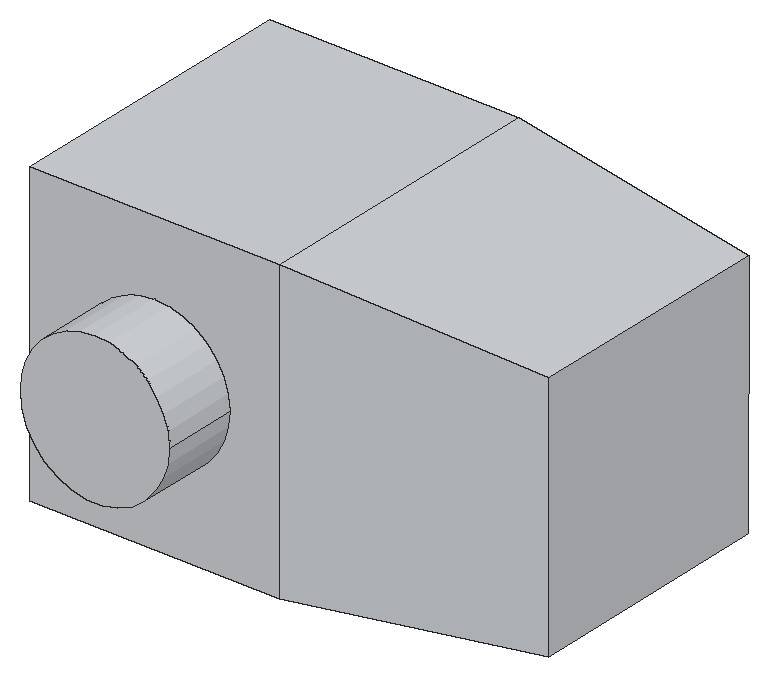
Revit family "dfd15d5e364645eea169fad81cf72cdf", category Duct Fittings, Revit 2021
Family settings
  Round Connector Dimension = Use Radius
  Part Type = Tee
  OmniClass Number = 23.75.70.14
  OmniClass Title = Air Ductwork
  Seek Item ID = Rectangular to Round Tee with Transition - Tap-0000-USA-ENU
  Work Plane-Based = No
  Always vertical = Yes
  Cut with Voids When Loaded = No
  Shared = No
Parameters (values of type "Standard")
  Shoulder Length [instance] = 2"
  Length 3 [instance] = 3"
  Length 1 [instance] = Duct Length 1 / 2  # 5"
  Duct Radius [instance] = 3"
  Duct Width 2 [instance] = 10"
  Duct Width 1 [instance] = 12"
  Duct Length 2 [instance] = Duct Width 2  # 10"
  Duct Length 3 [instance] = 3"
  Duct Length 1 [instance] = if(Duct Radius > (Duct Radius + Shoulder Length), (Duct Radius + Shoulder Length) * 2, (Duct Radius + Shoulder Length) * 2)  # 10"
  Duct Height 2 [instance] = 10"
  Duct Height 1 [instance] = 12"
  Duct Diameter [instance] = Duct Radius * 2  # 6"
  Default Elevation = 0' - 0"
  Assembly Code = ""
Reference planes (in)
  plane 1 "Center (Front/Back)": y = 0
  plane 2: z = 0
  plane 3 "Center (Left/Right)": x = 0
  plane 4: x = -5
  plane 5: x = 5
  plane 6: x = 15
  plane 7: y = -9
  plane 8: y = -6
  plane 9: y = 6
Forms (in)
  Sweep 1, solid, detail levels medium+fine
    path in 3D
      loop
        line (-5, 0, 0) -> (5, 0, 0)
    profile origin (0, 0, 0) x (0, 1, 0) y (0, 0, 1)
      loop
        line (-6, 6) -> (-6, -6) -> (6, -6) -> (6, 6) -> (-6, 6)
  Blend 2, solid, detail levels medium+fine
    base sketch origin (0, 0, 0) x (0, 1, 0) y (0, 0, 1)
      loop
        line (6, 6) -> (-6, 6) -> (-6, -6) -> (6, -6) -> (6, 6)
    top sketch origin (0, 0, 0) x (0, 1, 0) y (0, 0, 1)
      loop
        line (5, 5) -> (-5, 5) -> (-5, -5) -> (5, -5) -> (5, 5)
    from 5 to 15
  Sweep 3, solid, detail levels medium+fine
    path in 3D
      loop
        line (0, 0, 0) -> (0, -9, 0)
    profile origin (0, -4.5, 0) x (1, 0, 0) y (0, 0, 1)
      loop
        circle (0, 0) r 3
Cuts and joins
  joined: Sweep 1, Blend 2, Sweep 3
Lines and regions (in)
  model lines, detail levels coarse
    curve 1: line (-5, 0, 0) -> (5, 0, 0)
    curve 3: line (5, 0, 0) -> (15, 0, 0)
    curve 4: line (0, 0, 0) -> (0, -9, 0)
  sketch lines
    curve 2: line (-5, 0, 0) -> (5, 0, 0)
    curve 5: line (0, 0, 0) -> (0, -9, 0)
Dimensions and locks (in)
  "Duct Length 1": plane 4 to plane 5
  "Length 1": plane 3 "Center (Left/Right)" to plane 5
  "Duct Length 2": plane 5 to plane 6
  equal spacing: Sweep 1 sketch curve, profile plane, Sweep 1 sketch curve  (x2)
  "Duct Width 1": Sweep 1 sketch curve to Sweep 1 sketch curve
  "Duct Height 1": Sweep 1 sketch curve to Sweep 1 sketch curve
  equal spacing: Blend 2 sketch curve, plane 1 "Center (Front/Back)", Blend 2 sketch curve  (x2)
  "Duct Width 1": Blend 2 sketch curve to Blend 2 sketch curve
  equal spacing: Blend 2 sketch curve, plane 2, Blend 2 sketch curve  (x2)
  "Duct Height 1": Blend 2 sketch curve to Blend 2 sketch curve
  "Duct Width 2": Blend 2 sketch curve to Blend 2 sketch curve
  "Duct Height 2": Blend 2 sketch curve to Blend 2 sketch curve
  "Duct Length 3": plane 8 to plane 7
  equal spacing: plane 9, plane 1 "Center (Front/Back)", plane 8
  "Duct Width 1": plane 9 to plane 8
  "Duct Radius": radius of Sweep 3 sketch curve
  aligned and locked: plane 1 "Center (Front/Back)" to curve 1
  aligned and locked: plane 4 to curve 1
  aligned and locked: plane 5 to curve 1
  aligned and locked: plane 6 to curve 3
  aligned and locked: plane 6 to Blend 2
  aligned and locked: Blend 2 to plane 5
  aligned and locked: curve 4 to plane 3 "Center (Left/Right)"
  aligned and locked: plane 1 "Center (Front/Back)" to curve 4
  aligned and locked: plane 7 to curve 4
  aligned and locked: profile plane to Sweep 3 sketch curve  (x2)
Connectors (in)
  hvac at (-5, 0, 0), driven by "Duct Height 1", driven by "Duct Width 1"
    settings: on cut or joined group of Sweep 1, Blend 2, Sweep 3, index 1, duct flow 0 CFM, flow factor 0, pres drop 0.00 in-wg, loss coef 0, conn angle 0.00°, conn width 12", conn height 12", conn diameter 24", duct sys type 28, conn prof type 1, flow config 0, flow direction 0, loss method 0, conn ref index 2, conn util no, is conn primary yes, conn desc ""
  hvac at (15, 0, 0), driven by "Duct Height 2", driven by "Duct Width 2"
    settings: on cut or joined group of Sweep 1, Blend 2, Sweep 3, index 2, duct flow 0 CFM, flow factor 0, pres drop 0.00 in-wg, loss coef 0, conn angle 0.00°, conn width 10", conn height 10", conn diameter 24", duct sys type 28, conn prof type 1, flow config 0, flow direction 0, loss method 0, conn ref index 1, conn util no, is conn primary no, conn desc ""
  hvac at (0, -9, 0), driven by "Duct Radius"
    settings: on cut or joined group of Sweep 1, Blend 2, Sweep 3, index 3, duct flow 0 CFM, flow factor 0, pres drop 0.00 in-wg, loss coef 0, conn angle 0.00°, conn width 12", conn height 12", conn diameter 6", duct sys type 28, conn prof type 0, flow config 0, flow direction 0, loss method 0, conn ref index -1, conn util no, is conn primary no, conn desc ""
